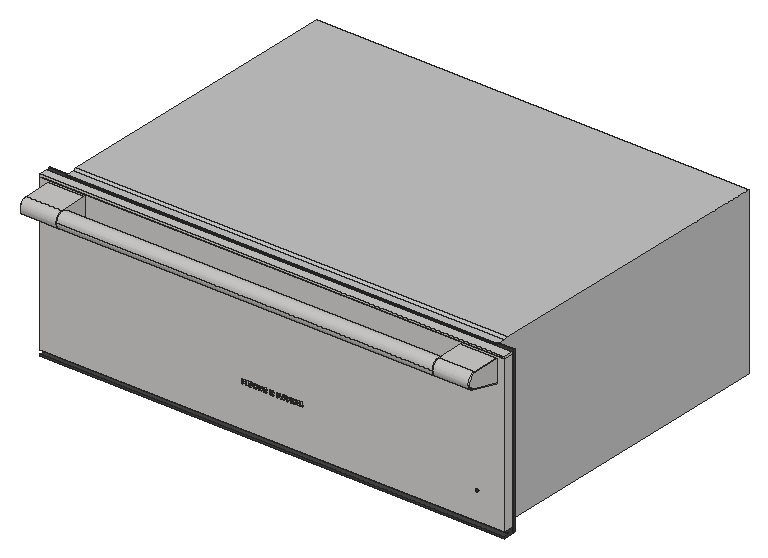
Revit family "FP_Revit_18_WB30SPEX1_Warming_Drawer_9000xxxxA", category Specialty Equipment, Revit 2018
Family settings
  Round Connector Dimension = Use Diameter
  Part Type = Normal
  OmniClass Number = 23.40.40.14.17.31
  OmniClass Title = Small Specialized Cooking Equipment
  Work Plane-Based = No
  Always vertical = Yes
  Cut with Voids When Loaded = Yes
  Shared = No
  Room Calculation Point = No
Parameters (values of type "WB30SPEX1")
  Visibility - Clearance Required = yes
  URL = "www.fisherpaykel.com"
  Product - Width = 761 mm  # constant formula
  Product - Height = 271 mm  # constant formula
  Product - Depth = 567 mm  # constant formula
  Model = "WB30SPEX1"
  Material - Trim = Fisher & Paykel - Black
  Material - Structure = Fisher & Paykel - Black
  Material - Handle = Fisher & Paykel - Stainless Steel
  Material - Front = Fisher & Paykel - Stainless Steel
  Material - Body = Fisher & Paykel - Grey
  Material - Bezel = Fisher & Paykel - Bezel Red
  Manufacturer = "Fisher & Paykel Appliances"
  FFL Offset [instance] = 587 mm
  Description = "30\" Warming Drawer"
  Connector Description - Electrical = "110 V, 60Hz, 10 A"
  Chassis - Width = 707 mm  # constant formula
  Chassis - Height = 271 mm  # constant formula
  Chassis - Depth = 547 mm  # constant formula
  Cavity - Width = 724 mm  # constant formula
  Cavity - Height = 273 mm  # constant formula
  Cavity - Depth = 560 mm  # constant formula
Reference planes
  plane 1 "Datum (Front/Back)": y = 0
  plane 2: z = 0
  plane 3 "Center (Left/Right)": x = 0
  plane 4 "Product Height": z = 858
  plane 5 "Product LHS": x = -380.5
  plane 6 "Product RHS": x = 380.5
  plane 7 "Cavity LHS": x = -382
  plane 8 "Cavity RHS": x = 382
  plane 9 "Cavity - Depth": y = 560
  plane 10 "Door - Front": y = -20
  plane 11 "Cavity - Height": z = 860
  plane 12 "FFL Offset": z = 587
  plane 13 "Product - Depth": y = 547
Forms (mm)
  Extrusion 1, solid, material "Fisher & Paykel - Grey" <- "Material - Body"
    sketch origin (0, 0, 0) x (0, 1, 0) y (0, 0, 1)
      loop
        line (0, 587) -> (512, 587) -> (512, 858) -> (19, 858) -> (14.5, 856) -> (0, 856) -> (0, 587)
    from -353.5 to 353.5
  Extrusion 2, solid, material "Fisher & Paykel - Grey" <- "Material - Body", detail levels medium+fine
    sketch origin (0, 0, 0) x (0, 1, 0) y (0, 0, 1)
      loop
        line (512, 827) -> (512, 808) -> (547, 808) -> (547, 827) -> (512, 827)
    from 177 to 202
  Extrusion 3, solid, material "Fisher & Paykel - Grey" <- "Material - Body", detail levels medium+fine
    sketch origin (0, 0, 0) x (0, 1, 0) y (0, 0, 1)
      loop
        circle (539, 817.5) r 8.163
    from 137 to 177
  Extrusion 4, solid, material "Fisher & Paykel - Black" <- "Material - Structure"
    sketch origin (0, 0, 0) x (0, 1, 0) y (0, 0, 1)
      loop
        line (-2, 593.5) -> (-2, 839.2) -> (-6, 839.2) -> (-6, 593.5) -> (-2, 593.5)
    from -340.5 to 340.5
  Extrusion 5, solid, material "Fisher & Paykel - Black" <- "Material - Trim", detail levels medium+fine
    sketch origin (0, 0, 0) x (0, 1, 0) y (0, 0, 1)
      loop
        line (-11.4, 595.506) -> (-11.4, 592) -> (-20, 592) -> (-20, 589) -> (-6, 589) -> (-6, 598.6) -> (-19.901, 598.6) -> (-11.4, 595.506)
    from -380.5 to 380.5
  Extrusion 6, solid, material "Fisher & Paykel - Stainless Steel" <- "Material - Front", detail levels fine
    sketch origin (0, 0, 0) x (0, 1, 0) y (0, 0, 1)
      loop
        line (-6, 856) -> (-20, 856) -> (-20, 853) -> (-6, 853) -> (-6, 856)
    from -380.5 to 380.5
  Extrusion 7, solid, material "Fisher & Paykel - Clearance Required", visible <- "Visibility - Clearance Required", detail levels coarse
    sketch origin (0, 0, 0) x (0, 1, 0) y (0, 0, 1)
      loop
        line (0, 860) -> (0, 587) -> (560, 587) -> (560, 860) -> (0, 860)
    from -362 to 362
  Extrusion 8, solid, material "Fisher & Paykel - Black" <- "Material - Structure"
    sketch origin (0, 0, 0) x (1, 0, 0) y (0, 0, 1)
      loop
        line (-380.5, 858) -> (-380.5, 589.9) -> (380.5, 589.9) -> (380.5, 858) -> (353.5, 858) -> (353.5, 856) -> (-353.5, 856) -> (-353.5, 858) -> (-380.5, 858)
    from 0 to 2
  Extrusion 9, solid, material "Fisher & Paykel - Clearance Required", visible <- "Visibility - Clearance Required", detail levels coarse
    sketch origin (0, -0.111, 0) x (0, 1, 0) y (0, 0, 1)
      loop
        line (0.111, 587) -> (0.111, 860) -> (-438.889, 860) -> (-438.889, 848.378) -> (-484.423, 848.378)
        arc (-484.423, 848.378) -> (-496.914, 837.059) -> (-487.354, 823.175) r 12.8
        line (-487.354, 823.175) -> (-438.889, 810.881) -> (-438.889, 587) -> (0.111, 587)
    from -382 to 382
  Extrusion 10, void
    sketch origin (0, 0, 0) x (0, 1, 0) y (0, 0, 1)
      loop
        line (0, 860) -> (0, 587) -> (560, 587) -> (560, 860) -> (0, 860)
    from -362 to 362
  Extrusion 11, void
    sketch origin (0, 0, 0) x (0, 1, 0) y (0, 0, 1)
      loop
        line (0, 587) -> (0, 860) -> (-20, 860) -> (-20, 587) -> (0, 587)
    from -382 to 382
  Extrusion 12, solid, material "Fisher & Paykel - Stainless Steel" <- "Material - Handle", detail levels medium+fine
    sketch origin (0, -20, -842.813) x (0, 1, 0) y (0, 0, 1)
      loop
        circle (-45.2, 1678.393) r 12.8
    from -308.01 to 308.01
  Extrusion 13, solid, material "Fisher & Paykel - Stainless Steel", detail levels coarse
    sketch origin (0, -20, 157.187) x (0, 1, 0) y (0, 0, 1)
      loop
        line (0, 691.983) -> (-45.423, 691.191)
        arc (-45.423, 691.191) -> (-57.914, 679.871) -> (-48.354, 665.987) r 12.8
        line (-48.354, 665.987) -> (0, 653.694) -> (0, 691.983)
    from -368.01 to 368.01
  Extrusion 14, solid, material "Fisher & Paykel - Stainless Steel", detail levels medium+fine
    sketch origin (0, -20, 157.187) x (0, 1, 0) y (0, 0, 1)
      loop
        line (0, 691.983) -> (-45.423, 691.191)
        arc (-45.423, 691.191) -> (-57.914, 679.871) -> (-48.354, 665.987) r 12.8
        line (-48.354, 665.987) -> (0, 653.694) -> (0, 691.983)
    from -368.01 to -308.01
  Extrusion 15, solid, material "Fisher & Paykel - Stainless Steel", detail levels medium+fine
    sketch origin (0, -20, 157.187) x (0, 1, 0) y (0, 0, -1)
      loop
        line (0, -691.983) -> (0, -653.694) -> (-48.354, -665.987)
        arc (-48.354, -665.987) -> (-57.914, -679.871) -> (-45.423, -691.191) r 12.8
        line (-45.423, -691.191) -> (0, -691.983)
    from -368.01 to -308.01
  Sweep 16, void
    path in 3D
      loop
        line (368.01, -17.558, 849.213) -> (368.01, -65.423, 848.378)
        arc (368.01, -65.423, 848.378) -> (368.01, -77.914, 837.059) -> (368.01, -68.354, 823.175) r 12.8
        line (368.01, -68.354, 823.175) -> (368.01, -17.707, 810.298)
    profile origin (368.01, -41.491, 848.795) x (0, 0.017432, -0.999848) y (1, 0, 0)
      loop
        line (0, 0) -> (0, -1.2) -> (1.5, 0) -> (0, 0)
  Sweep 17, void
    path in 3D
      loop
        line (-368.01, -18.841, 810.586) -> (-368.01, -68.354, 823.175)
        arc (-368.01, -68.354, 823.175) -> (-368.01, -77.914, 837.059) -> (-368.01, -65.423, 848.378) r 12.8
        line (-368.01, -65.423, 848.378) -> (-368.01, -17.926, 849.206)
    profile origin (-368.01, -41.675, 848.792) x (0, 0.017432, -0.999848) y (-1, 0, 0)
      loop
        line (0, 0) -> (0, -1.5) -> (1.5, 0) -> (0, 0)
  Extrusion 18, solid, material "Fisher & Paykel - Stainless Steel" <- "Material - Front"
    sketch origin (0, 0, 0) x (1, 0, 0) y (0, 0, 1)
      loop
        line (380.5, 598.6) -> (380.5, 853) -> (-380.5, 853) -> (-380.5, 598.6) -> (380.5, 598.6)
      loop
        circle (335, 643.6) r 2
    from 6 to 20
  Extrusion 19, solid, material "Fisher & Paykel - Bezel Red" <- "Material - Bezel", detail levels fine
    sketch origin (0, 0, 0) x (1, 0, 0) y (0, 0, 1)
      loop
        circle (335, 643.6) r 2
    from 6 to 20
Cuts and joins
  Sweep 16 cuts Extrusion 15
  Sweep 17 cuts Extrusion 14
Lines and regions (mm)
  sketch lines
    curve 1: line (368.01, -17.558, 849.213) -> (368.01, -65.423, 848.378)
    curve 2: arc (368.01, -68.354, 823.175) -> (368.01, -77.914, 837.059) -> (368.01, -65.423, 848.378) r 12.8
    curve 3: line (368.01, -68.354, 823.175) -> (368.01, -17.707, 810.298)
    curve 4: line (-368.01, -65.423, 848.378) -> (-368.01, -17.926, 849.206)
    curve 5: arc (-368.01, -65.423, 848.378) -> (-368.01, -77.914, 837.059) -> (-368.01, -68.354, 823.175) r 12.8
    curve 6: line (-368.01, -18.841, 810.586) -> (-368.01, -68.354, 823.175)
Text (mm)
  text "Due to ongoing product development, product details are subject to change without notice. \nPlease always refer to www.fisherpaykel.com for the most current product information. \n© Fisher & Paykel 2020" at (41.04, -568.295, 0), in view "Ref. Level (Plan)"
Dimensions and locks
  equal spacing: plane 5 "Product LHS", plane 3 "Center (Left/Right)", plane 6 "Product RHS"
  equal spacing: plane 7 "Cavity LHS", plane 3 "Center (Left/Right)", plane 8 "Cavity RHS"
  equal spacing: Extrusion 1, plane 3 "Center (Left/Right)", Extrusion 1
  locked: plane 10 "Door - Front" to plane 1 "Datum (Front/Back)" at 20
  "Cavity - Depth": plane 9 "Cavity - Depth" to plane 1 "Datum (Front/Back)"
  "FFL Offset": level to plane 12 "FFL Offset"
  locked: plane 12 "FFL Offset" to Extrusion 5 sketch curve at 11.6
  locked: plane 12 "FFL Offset" to Extrusion 5 sketch curve at 2
  "Product - Height": plane 12 "FFL Offset" to plane 4 "Product Height"
  "Cavity - Height": plane 12 "FFL Offset" to plane 11 "Cavity - Height"
  plane 12 "FFL Offset" to Extrusion 4 = 6.5 mm
  locked: plane 12 "FFL Offset" to nested 1 at 78.956
  equal spacing: Extrusion 7, plane 3 "Center (Left/Right)", Extrusion 7
  locked: Extrusion 9 to plane 10 "Door - Front" at 419
  locked: plane 12 "FFL Offset" to Extrusion 12 at 248.58
  locked: Extrusion 9 to Extrusion 9 at 764
  "Chassis - Width": Extrusion 1 to Extrusion 1
  "Cavity - Width": Extrusion 7 to Extrusion 7
  "Chassis - Depth": plane 1 "Datum (Front/Back)" to plane 13 "Product - Depth"
  plane 13 "Product - Depth" to plane 10 "Door - Front" = 567 mm
  "Product - Width": plane 5 "Product LHS" to plane 6 "Product RHS"
  aligned and locked: level to plane 2
  aligned and locked: Extrusion 7 sketch curve to plane 9 "Cavity - Depth"
  aligned and locked: Extrusion 2 to Extrusion 1
  aligned and locked: Extrusion 8 to plane 1 "Datum (Front/Back)"
  aligned and locked: plane 12 "FFL Offset" to Extrusion 1 sketch curve
  aligned and locked: Extrusion 7 sketch curve to plane 12 "FFL Offset"
  aligned and locked: plane 5 "Product LHS" to Extrusion 6
  aligned and locked: plane 5 "Product LHS" to Extrusion 5
  aligned and locked: Extrusion 6 to plane 6 "Product RHS"
  aligned and locked: Extrusion 5 to plane 6 "Product RHS"
  aligned and locked: Extrusion 9 sketch curve to plane 11 "Cavity - Height"
  aligned and locked: Extrusion 9 sketch curve to plane 12 "FFL Offset"
  aligned and locked: plane 7 "Cavity LHS" to Extrusion 9
  aligned and locked: Extrusion 9 to plane 8 "Cavity RHS"
  aligned and locked: Extrusion 11 to plane 11 "Cavity - Height"
  aligned and locked: Extrusion 10 to plane 11 "Cavity - Height"
  aligned and locked: plane 12 "FFL Offset" to Extrusion 11
  aligned and locked: plane 12 "FFL Offset" to Extrusion 10
  aligned and locked: Extrusion 18 to plane 10 "Door - Front"
  aligned and locked: Extrusion 18 to plane 6 "Product RHS"
  aligned and locked: Extrusion 10 to Extrusion 7
  aligned and locked: Extrusion 11 to plane 8 "Cavity RHS"
  aligned and locked: plane 7 "Cavity LHS" to Extrusion 11
  aligned and locked: Extrusion 8 to Extrusion 1  (x2)
  aligned and locked: Extrusion 9 to plane 1 "Datum (Front/Back)"
Automatic sketch dimensions
  Extrusion 2 sketch curve to Extrusion 2 sketch curve = 35 mm
  Extrusion 2 sketch curve to plane 4 "Product Height" = 50 mm
  Extrusion 2 sketch curve to Extrusion 2 sketch curve = 19 mm
  Extrusion 3 sketch curve to plane 4 "Product Height" = 40.5 mm
  plane 1 "Datum (Front/Back)" to Extrusion 4 sketch curve = 6 mm
  plane 1 "Datum (Front/Back)" to Extrusion 4 sketch curve = 2 mm
  Extrusion 4 sketch curve to plane 12 "FFL Offset" = 6.5 mm
  Extrusion 4 sketch curve to plane 4 "Product Height" = 18.8 mm
  Extrusion 6 sketch curve to plane 10 "Door - Front" = 0 mm
  plane 1 "Datum (Front/Back)" to Extrusion 6 sketch curve = 6 mm
  Extrusion 6 sketch curve to plane 4 "Product Height" = 5 mm
  Extrusion 6 sketch curve to plane 4 "Product Height" = 2 mm
  Extrusion 7 sketch curve to plane 1 "Datum (Front/Back)" = 0 mm
  plane 11 "Cavity - Height" to Extrusion 7 sketch curve = 0 mm
  Extrusion 8 sketch curve to plane 4 "Product Height" = 0 mm  (x2)
  plane 5 "Product LHS" to Extrusion 8 sketch curve = 0 mm
  plane 6 "Product RHS" to Extrusion 8 sketch curve = 0 mm
  Extrusion 8 sketch curve to plane 12 "FFL Offset" = 2.9 mm
  Extrusion 8 sketch curve to plane 5 "Product LHS" = 27 mm
  Extrusion 8 sketch curve to plane 4 "Product Height" = 2 mm
  plane 6 "Product RHS" to Extrusion 8 sketch curve = 27 mm
  Extrusion 10 sketch curve to plane 1 "Datum (Front/Back)" = 0 mm
  Extrusion 10 sketch curve to plane 9 "Cavity - Depth" = 0 mm
  plane 12 "FFL Offset" to Extrusion 10 sketch curve = 0 mm
  plane 11 "Cavity - Height" to Extrusion 10 sketch curve = 0 mm
  Extrusion 11 sketch curve to plane 10 "Door - Front" = 0 mm
  Extrusion 11 sketch curve to plane 1 "Datum (Front/Back)" = 0 mm
  plane 12 "FFL Offset" to Extrusion 11 sketch curve = 0 mm
  plane 11 "Cavity - Height" to Extrusion 11 sketch curve = 0 mm
  Extrusion 12 sketch curve to plane 4 "Product Height" = 22.42 mm
  Extrusion 12 sketch curve to plane 10 "Door - Front" = 45.2 mm
  Extrusion 13 sketch curve to plane 4 "Product Height" = 34.825 mm
  Extrusion 13 sketch curve to plane 10 "Door - Front" = 48.354 mm
  Extrusion 13 sketch curve to plane 4 "Product Height" = 9.622 mm
  Extrusion 13 sketch curve to Extrusion 13 sketch curve = 2.931 mm
  Extrusion 13 sketch curve to Extrusion 13 sketch curve = 3.154 mm
  Extrusion 13 sketch curve to plane 4 "Product Height" = 47.119 mm
  Extrusion 13 sketch curve to Extrusion 13 sketch curve = 48.354 mm
  Extrusion 13 sketch curve to plane 4 "Product Height" = 8.83 mm
  Extrusion 14 sketch curve to plane 4 "Product Height" = 34.825 mm
  Extrusion 14 sketch curve to plane 10 "Door - Front" = 48.354 mm
  Extrusion 14 sketch curve to plane 4 "Product Height" = 9.622 mm
  Extrusion 14 sketch curve to Extrusion 14 sketch curve = 2.931 mm
  Extrusion 14 sketch curve to Extrusion 14 sketch curve = 3.154 mm
  Extrusion 14 sketch curve to plane 4 "Product Height" = 47.119 mm
  Extrusion 14 sketch curve to Extrusion 14 sketch curve = 48.354 mm
  Extrusion 14 sketch curve to plane 4 "Product Height" = 8.83 mm
  Extrusion 15 sketch curve to plane 4 "Product Height" = 34.825 mm
  Extrusion 15 sketch curve to plane 10 "Door - Front" = 48.354 mm
  Extrusion 15 sketch curve to plane 4 "Product Height" = 9.622 mm
  Extrusion 15 sketch curve to Extrusion 15 sketch curve = 2.931 mm
  Extrusion 15 sketch curve to Extrusion 15 sketch curve = 3.154 mm
  Extrusion 15 sketch curve to plane 4 "Product Height" = 47.119 mm
  Extrusion 15 sketch curve to Extrusion 15 sketch curve = 48.354 mm
  Extrusion 15 sketch curve to plane 4 "Product Height" = 8.83 mm
  Sweep 16 sketch curve to profile plane = 0 mm  (x2)
  Sweep 16 sketch curve to Sweep 16 sketch curve = 1.5 mm
  Sweep 16 sketch curve to profile plane = 1.2 mm
  profile plane to Sweep 17 sketch curve = 0 mm
  Sweep 17 sketch curve to profile plane = 0 mm
  Sweep 17 sketch curve to Sweep 17 sketch curve = 1.5 mm
  Sweep 17 sketch curve to profile plane = 1.5 mm
  Extrusion 5 sketch curve to plane 10 "Door - Front" = 0 mm
  plane 1 "Datum (Front/Back)" to Extrusion 5 sketch curve = 6 mm
  Extrusion 5 sketch curve to plane 12 "FFL Offset" = 5 mm
  Extrusion 5 sketch curve to Extrusion 5 sketch curve = 5.4 mm
  Extrusion 5 sketch curve to Extrusion 5 sketch curve = 3.506 mm
  plane 10 "Door - Front" to Extrusion 5 sketch curve = 0.099 mm
  Extrusion 1 sketch curve to plane 1 "Datum (Front/Back)" = 0 mm
  Extrusion 1 sketch curve to plane 4 "Product Height" = 2 mm
  Extrusion 1 sketch curve to Extrusion 1 sketch curve = 14.5 mm
  Extrusion 1 sketch curve to Extrusion 1 sketch curve = 4.5 mm
  Extrusion 1 sketch curve to plane 4 "Product Height" = 0 mm
  plane 6 "Product RHS" to Extrusion 18 sketch curve = 0 mm
  plane 6 "Product RHS" to Extrusion 18 sketch curve = 45.5 mm
  Extrusion 18 sketch curve to plane 12 "FFL Offset" = 56.6 mm
  Extrusion 18 sketch curve to plane 12 "FFL Offset" = 11.6 mm
  plane 6 "Product RHS" to Extrusion 19 sketch curve = 45.5 mm
  Extrusion 19 sketch curve to plane 12 "FFL Offset" = 56.6 mm
  plane 5 "Product LHS" to Extrusion 18 sketch curve = 0 mm
  Extrusion 18 sketch curve to plane 4 "Product Height" = 5 mm
  plane 1 "Datum (Front/Back)" to Extrusion 9 sketch curve = 0 mm
  Extrusion 9 sketch curve to plane 4 "Product Height" = 22.42 mm
  Extrusion 9 sketch curve to plane 10 "Door - Front" = 464.311 mm
  Extrusion 9 sketch curve to Extrusion 9 sketch curve = 0.223 mm
  Extrusion 9 sketch curve to plane 10 "Door - Front" = 419 mm
  Extrusion 9 sketch curve to plane 4 "Product Height" = 9.622 mm
  Extrusion 9 sketch curve to Extrusion 9 sketch curve = 3.154 mm
  Extrusion 9 sketch curve to Extrusion 9 sketch curve = 37.497 mm
  Extrusion 9 sketch curve to Extrusion 9 sketch curve = 0 mm
  Extrusion 1 sketch curve to plane 9 "Cavity - Depth" = 48 mm
  Extrusion 2 sketch curve to plane 9 "Cavity - Depth" = 48 mm
  Extrusion 3 sketch curve to plane 9 "Cavity - Depth" = 21 mm
  radius of Extrusion 3 sketch curve = 8.163 mm
  radius of Extrusion 12 sketch curve = 12.8 mm
  radius of Extrusion 18 sketch curve = 2 mm
  radius of Extrusion 19 sketch curve = 2 mm
Nested families
  nested 1: "F&P Logo 100mm" at (0, -20, 665.956), type "Grey"
Connectors
  electrical at (137, 539, 817.5), driven by "Connector Description - Electrical"
    settings: on Extrusion 3, index 1, voltage 110 V, apparent load 0 VA, apparent load phase1 0 VA, apparent load phase2 0 VA, apparent load phase3 0 VA, power factor 1, load classification "Other", number of poles 1, system type 30, power factor state 1, is connector primary yes, connector utility no, sub classification motor no, connector description "110 V, 60Hz, 10 A"
Definition of nested family "F&P Logo 100mm"
  Parameters (values of type "Grey")
    URL = "www.fisherpaykel.com"
    Material - Logo = none
    Manufacturer = "Fisher & Paykel Appliances"
  Types (2): name
    Chrome
    Grey
  Reference planes
    plane 1 "Center (Front/Back)": y = 0
    plane 2: z = 0
    plane 3 "Center (Left/Right)": x = 0
  Forms (mm)
    Extrusion 1, solid, material <- "Material - Logo", detail levels fine
      sketch origin (0, 0, 0) x (1, 0, 0) y (0, 0, 1)
        loop
          line (-50.044, 0) -> (-48.47, 0) -> (-48.47, 2.138) -> (-46.011, 2.138) -> (-46.011, 3.472) -> (-48.47, 3.472) -> (-48.47, 4.712) -> (-45.795, 4.712) -> (-45.795, 6.04) -> (-50.044, 6.04) -> (-50.044, 0)
        loop
          line (-42.804, 6.04) -> (-42.804, 0) -> (-41.23, 0) -> (-41.23, 6.04) -> (-42.804, 6.04)
        loop
          line (-30.724, 6.04) -> (-30.724, 0) -> (-29.151, 0) -> (-29.151, 2.42) -> (-26.839, 2.42) -> (-26.839, 0) -> (-25.265, 0) -> (-25.265, 6.04) -> (-26.839, 6.04) -> (-26.839, 3.748) -> (-29.151, 3.748) -> (-29.151, 6.04) -> (-30.724, 6.04)
        loop
          line (-21.906, 6.04) -> (-21.906, 0) -> (-17.602, 0) -> (-17.602, 1.328) -> (-20.347, 1.328) -> (-20.347, 2.42) -> (-17.838, 2.42) -> (-17.838, 3.748) -> (-20.347, 3.748) -> (-20.347, 4.712) -> (-17.602, 4.712) -> (-17.602, 6.04) -> (-21.906, 6.04)
        loop
          line (45.667, 6.04) -> (45.667, 0) -> (49.956, 0) -> (49.956, 1.328) -> (47.241, 1.328) -> (47.241, 6.04) -> (45.667, 6.04)
        loop
          line (42.431, 6.04) -> (38.112, 6.04) -> (38.112, 0) -> (42.431, 0) -> (42.431, 1.328) -> (39.687, 1.328) -> (39.687, 2.42) -> (42.195, 2.42) -> (42.195, 3.748) -> (39.687, 3.748) -> (39.687, 4.712) -> (42.431, 4.712) -> (42.431, 6.04)
        loop
          line (33.451, 3.148) -> (35.683, 6.04) -> (33.844, 6.04) -> (31.915, 3.542) -> (31.915, 6.04) -> (30.342, 6.04) -> (30.342, 0) -> (31.915, 0) -> (31.915, 2.705) -> (33.903, 0) -> (35.763, 0) -> (33.451, 3.148)
        loop
          line (21.98, 6.04) -> (24.262, 2.42) -> (24.262, 0) -> (25.837, 0) -> (25.837, 2.341) -> (28.119, 6.04) -> (26.446, 6.04) -> (25.099, 3.707) -> (23.753, 6.04) -> (21.98, 6.04)
        loop
          line (18.479, 6.04) -> (16.983, 6.04) -> (14.524, 0) -> (16.069, 0) -> (16.501, 1.112) -> (18.921, 1.112) -> (19.354, 0) -> (20.938, 0) -> (18.479, 6.04)
        loop
          line (18.4, 2.439) -> (17.693, 4.174) -> (17.018, 2.439) -> (18.4, 2.439)
        loop
          line (8.031, 6.04) -> (8.031, 0) -> (9.605, 0) -> (9.605, 1.938) -> (10.599, 1.938)
          arc (10.599, 1.938) -> (12.65, 3.989) -> (10.599, 6.04) r 2.051
          line (10.599, 6.04) -> (8.031, 6.04)
        loop
          line (9.605, 4.712) -> (9.605, 3.197) -> (10.501, 3.197)
          arc (10.501, 3.197) -> (11.259, 3.954) -> (10.501, 4.712) r 0.757
          line (10.501, 4.712) -> (9.605, 4.712)
        loop
          line (-11.783, 6.04) -> (-14.366, 6.04) -> (-14.366, 0) -> (-12.792, 0) -> (-12.792, 1.336) -> (-11.992, 1.336) -> (-10.972, 0) -> (-9.153, 0) -> (-10.694, 1.973)
          arc (-10.694, 1.973) -> (-9.678, 4.424) -> (-11.783, 6.04) r 2.179
        loop
          line (-11.897, 4.712) -> (-12.792, 4.712) -> (-12.792, 3.053) -> (-11.897, 3.053)
          arc (-11.897, 3.053) -> (-11.068, 3.882) -> (-11.897, 4.712) r 0.83
        loop
          line (0.477, 4.712) -> (0.477, 6.153) -> (-3.575, 6.153) -> (-3.575, 4.851) -> (-2.974, 4.112)
          arc (-2.974, 4.112) -> (-3.51, 0.684) -> (-0.045, 0.512) r 2.334
          line (-0.045, 0.512) -> (0.46, -0.109) -> (2.246, -0.109) -> (0.86, 1.594) -> (2.061, 3.324) -> (0.443, 3.324) -> (-0.013, 2.667) -> (-1.677, 4.712) -> (0.477, 4.712)
        loop
          arc (-2.125, 3.068) -> (-2.269, 1.668) -> (-0.868, 1.524) r 0.996
          line (-0.868, 1.524) -> (-2.125, 3.068)
        loop
          line (-35.18, 3.634) -> (-36.516, 3.91)
          arc (-36.516, 3.91) -> (-37.049, 4.443) -> (-36.516, 4.976) r 0.533
          arc (-36.516, 4.976) -> (-35.235, 4.79) -> (-34.059, 4.248) r 4.505
          line (-34.059, 4.248) -> (-34.059, 5.743)
          arc (-34.059, 5.743) -> (-35.549, 6.179) -> (-37.1, 6.109) r 4.726
          arc (-37.1, 6.109) -> (-38.536, 4.335) -> (-37.1, 2.561) r 1.814
          line (-37.1, 2.561) -> (-35.754, 2.282)
          arc (-35.754, 2.282) -> (-35.221, 1.749) -> (-35.754, 1.216) r 0.533
          arc (-35.754, 1.216) -> (-37.035, 1.402) -> (-38.211, 1.945) r 4.505
          line (-38.211, 1.945) -> (-38.211, 0.449)
          arc (-38.211, 0.449) -> (-36.72, 0.013) -> (-35.169, 0.083) r 4.726
          arc (-35.169, 0.083) -> (-33.734, 1.863) -> (-35.18, 3.634) r 1.814
      from 0 to 0.8
  Dimensions and locks
    aligned and locked: level to plane 2
